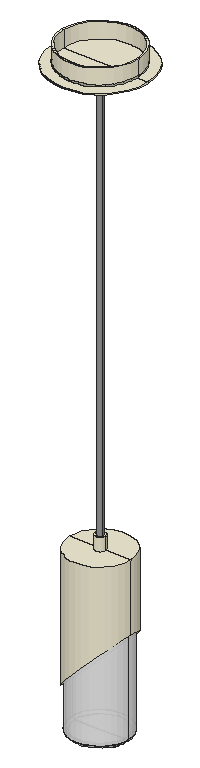
Revit family "3-677-xx - 37-677-xx - Ellipse (Pendant)", category Lighting Fixtures, host Ceiling, Revit 2017
Family settings
  Host = Ceiling
  Round Connector Dimension = Use Diameter
  Part Type = Normal
  OmniClass Number = 23.80.70.11
  OmniClass Title = Luminaries for Internal Lighting
  Always vertical = Yes
  Cut with Voids When Loaded = No
  Light Source = Yes
  Shared = No
  Room Calculation Point = No
Parameters (values of type "3-677-224 / 37-677-224 - Ellipse")
  Wattage Comments = "7.11 W at 120 V"  # constant formula
  Wattage = 7.11 W
  built-in parameter 1150110 = 1 (stored number, unit not read)
  URL = "www.oxygenlighting.com"
  built-in parameter 1114217 = 1 (stored number, unit not read)
  Tilt Angle = 0.00°
  built-in parameter 1150109 = 1 (stored number, unit not read)
  built-in parameter 1150134 = (empty or 0)
  Suspension Length [instance] = 38.00"
  built-in parameter 1150113 = 1 (stored number, unit not read)
  Supplied with = "Supplied with 8 ft of braided cord"  # constant formula
  References [instance] = "Ref. 3 = 120 V / Ref. 37 = 277 V"  # constant formula
  Photometric Web File = "3-677-215 Ellipse Pendant with Acrylic Enclosure.ies"
  Other 2 = none
  Other 1 = Braided Cord
  Model = "3-677-XX / 37-677-XX - Ellipse"  # constant formula
  Metal Finish = 24 - Satin Nickel
  Manufacturer = "Oxygen Lighting & Fans"  # constant formula
  Main Diffuser = Matte White Acrylic
  Lumens = 215.433 lm
  built-in parameter 1150115 = 1 (stored number, unit not read)
  built-in parameter 1150105 = 17.144 (stored number, unit not read)
  built-in parameter 1150137 = (empty or 0)
  built-in parameter 1150139 = (empty or 0)
  built-in parameter 1150112 = 1 (stored number, unit not read)
  built-in parameter 1150114 = 1 (stored number, unit not read)
  Lamp = "LED Array"  # constant formula
  Input Voltage [instance] = "120 V or 277 V 50/60 Hz"  # constant formula
  built-in parameter 1150132 = (empty or 0)
  built-in parameter 1150102 = (empty or 0)
  built-in parameter 1150138 = (empty or 0)
  built-in parameter 1150107 = 3000 (stored number, unit not read)
  built-in parameter 1150106 = 0.17144 (stored number, unit not read)
  Emit from Circle Diameter = 24.00"
  Emit Shape Visible in Rendering = no
  built-in parameter 1150104 = 2.815 (stored number, unit not read)
  Dimming Lamp Color Temperature Shift = <None>
  Color Filter = 16777215
  built-in parameter 1114218 = 1 (stored number, unit not read)
  built-in parameter 1150133 = 10 (stored number, unit not read)
  2nd Diffuser = none
Types (7): name | Photometric Web File | Metal Finish | Main Diffuser | Lumens | built-in parameter 1150105 | built-in parameter 1150106 | built-in parameter 1150104
  (no name) | "3-677-215 Ellipse Pendant with Acrylic Enclosure.ies" | 24 - Satin Nickel | Matte White Acrylic | 215.433 lm | 17.144 (stored number, unit not read) | 0.17144 (stored number, unit not read) | 2.815 (stored number, unit not read)
  3-677-115 / 37-677-115 - Ellipse | "3-677-124 Ellipse Pendant with Glass Enclosure.ies" | 15 - Black | White Opal Glass | 221.121 lm | 17.596 (stored number, unit not read) | 0.17596 (stored number, unit not read) | 2.8893 (stored number, unit not read)
  3-677-120 / 37-677-120 - Ellipse | "3-677-124 Ellipse Pendant with Glass Enclosure.ies" | 20 - Polished Nickel | White Opal Glass | 221.121 lm | 17.596 (stored number, unit not read) | 0.17596 (stored number, unit not read) | 2.8893 (stored number, unit not read)
  3-677-124 / 37-677-124 - Ellipse | "3-677-124 Ellipse Pendant with Glass Enclosure.ies" | 24 - Satin Nickel | White Opal Glass | 221.121 lm | 17.596 (stored number, unit not read) | 0.17596 (stored number, unit not read) | 2.8893 (stored number, unit not read)
  3-677-215 / 37-677-215 - Ellipse | "3-677-215 Ellipse Pendant with Acrylic Enclosure.ies" | 15 - Black | Matte White Acrylic | 215.433 lm | 17.144 (stored number, unit not read) | 0.17144 (stored number, unit not read) | 2.815 (stored number, unit not read)
  3-677-220 / 37-677-220 - Ellipse | "3-677-215 Ellipse Pendant with Acrylic Enclosure.ies" | 20 - Polished Nickel | Matte White Acrylic | 215.433 lm | 17.144 (stored number, unit not read) | 0.17144 (stored number, unit not read) | 2.815 (stored number, unit not read)
  3-677-224 / 37-677-224 - Ellipse | "3-677-215 Ellipse Pendant with Acrylic Enclosure.ies" | 24 - Satin Nickel | Matte White Acrylic | 215.433 lm | 17.144 (stored number, unit not read) | 0.17144 (stored number, unit not read) | 2.815 (stored number, unit not read)
Reference planes (in)
  plane 1 "Light Source Axis (F/B)": y = 0
  plane 2 "Ceiling": z = 96
  plane 3 "Light Source Axis (L/R)": x = 0
  plane 4 "Light Source Elevation": z = 60
  plane 5 "Suspension Length": z = 58
Forms (in)
  Revolve 1, solid, material "Braided Cord" <- "Other 1"
    sketch origin (0, 0, 0) x (1, 0, 0) y (0, 0, 1)
      loop
        line (-0.15748, 94.73091) -> (-0.15748, 68.87218) -> (0, 68.87218) -> (0, 94.73091) -> (-0.15748, 94.73091)
      axis (0, 94.73091) -> (0, 68.87218)
    angle from 0 to 360
Dimensions and locks (in)
  equal spacing: host sketch curve, plane 3 "Light Source Axis (L/R)", host sketch curve
  equal spacing: host sketch curve, plane 1 "Light Source Axis (F/B)", host sketch curve
  host sketch curve to host sketch curve = 120.00"  (x2)
  "Suspension Length": plane 2 "Ceiling" to plane 5 "Suspension Length"
  locked: plane 4 "Light Source Elevation" to plane 5 "Suspension Length" at 2
  locked: plane 5 "Suspension Length" to nested 2 at 10.87218
  aligned and locked: plane 4 "Light Source Elevation" to imposter light
  aligned and locked: plane 3 "Light Source Axis (L/R)" to nested 2
  aligned and locked: Revolve 1 to nested 2
  aligned and locked: imposter light to plane 3 "Light Source Axis (L/R)"
  aligned and locked: plane 1 "Light Source Axis (F/B)" to imposter light
Automatic sketch dimensions
  Revolve 1 sketch curve to plane 3 "Light Source Axis (L/R)" = 0.00"  (x2)
  Revolve 1 sketch curve to plane 3 "Light Source Axis (L/R)" = 0.15748"
  Revolve 1 sketch curve to plane 4 "Light Source Elevation" = 8.87218"
  Revolve 1 sketch curve to plane 2 "Ceiling" = 1.26909"
  plane 2 "Ceiling" to Revolve 1 sketch curve = 0.23091"
  Revolve 1 sketch curve to Revolve 1 sketch curve = 1.00"
Nested families (in)
  nested 1: "Canopy" at (0, 0, 96), type "Canopy"
  nested 2: "Elipse 3.5" at (0, 0, 68.87218), type "Elipse 3.5"
Definition of nested family "Canopy"
  Parameters (values of type "Canopy")
    Others 2 = none
    Others 1 = none
    Metal Finish = none
    Main Diffuser = none
    2nd Diffuser = none
  Reference planes (in)
    plane 1 "Center (Front/Back)": y = 0
    plane 2: z = 0
    plane 3 "Center (Left/Right)": x = 0
    plane 4 "Very Bottom": y = 0
  Forms (in)
    Revolve 1, solid, material <- "Metal Finish"
      sketch origin (0, 0, 0) x (1, 0, 0) y (0, 0, 1)
        loop
          line (2.3622, 0) -> (2.2622, 0) -> (2.2622, -0.96299) -> (0, -0.96299) -> (0, -1.26909) -> (0.2466, -1.26909) -> (0.2466, -1.87008) -> (0.37638, -1.87008) -> (0.37638, -1.06299) -> (2.20696, -1.06299)
          arc (2.20696, -1.06299) -> (2.31674, -1.01752) -> (2.3622, -0.90775) r 0.15524
          line (2.3622, -0.90775) -> (2.3622, 0)
        axis (0, 0) -> (0, -1.87008)
      angle from 0 to 360
    Revolve 2, solid, material <- "Metal Finish"
      sketch origin (0, 0, 0) x (1, 0, 0) y (0, 0, 1)
        loop
          line (0.45678, -1.06299) -> (0.45678, -1.12549) -> (2.95276, -1.12549) -> (2.95276, -1.06299) -> (0.45678, -1.06299)
        axis (0, -1.06299) -> (0, -1.12549)
      angle from 0 to 360
  Lines and regions (in)
    model lines
      curve 1: line (-4, 0, 0) -> (4, 0, 0)
      curve 2: line (0, -4, 0) -> (0, 4, 0)
    symbolic lines
      curve 3: circle (0, 0, 0) r 2 normal (0, 0, 1)
    model lines, not visible
      curve 4: line (-13.0722, 21.77075, 0) -> (-5.0722, 21.77075, 0)
      curve 5: line (-9.0722, 17.77075, 0) -> (-9.0722, 25.77075, 0)
    symbolic lines, not visible
      curve 6: circle (-9.0722, 21.77075, 0) r 2 normal (0, 0, 1)
  Text (in)
    text "M.C." at (0.88973, 1.62995, 0), in view "Ref. Level"
    text "M.C." at (-8.18247, 23.4007, 0), in view "Ref. Level", not visible
  Dimensions and locks (in)
    aligned and locked: plane 2 to level
Definition of nested family "Elipse 3.5"
  Parameters (values of type "Elipse 3.5")
    Others 2 = none
    Others 1 = none
    Metal Finish = none
    Main Diffuser = none
    2nd Diffuser = none
  Reference planes (in)
    plane 1 "Center (Front/Back)": y = 0
    plane 2: z = 0
    plane 3 "Center (Left/Right)": x = 0
    plane 4 "Very Bottom": y = 0
  Forms (in)
    Revolve 1, solid, material <- "Metal Finish"
      sketch origin (0, 0, 0) x (1, 0, 0) y (0, 0, 1)
        loop
          line (0, 0) -> (-0.31496, 0) -> (-0.31496, -0.74803) -> (-1.88976, -0.74803) -> (-1.88976, -8.70079) -> (-1.7845, -8.70079) -> (-1.7845, -0.86024) -> (-0.22578, -0.86024) -> (-0.22578, -0.07759) -> (0, -0.07759) -> (0, 0)
        axis (0, 0) -> (0, -8.70079)
      angle from 0 to 360
    Revolve 2, solid, material <- "Main Diffuser"
      sketch origin (0, 0, 0) x (1, 0, 0) y (0, 0, 1)
        loop
          line (-1.78454, -4.80934) -> (-1.78454, -10.7355)
          arc (-1.78454, -10.7355) -> (-1.7445, -10.83215) -> (-1.64785, -10.87218) r 0.13668
          line (-1.64785, -10.87218) -> (0, -10.87218) -> (0, -10.77218) -> (-1.54233, -10.77218)
          arc (-1.54233, -10.77218) -> (-1.64288, -10.73053) -> (-1.68454, -10.62998) r 0.14221
          line (-1.68454, -10.62998) -> (-1.68454, -4.80934) -> (-1.78454, -4.80934)
        axis (0, -4.80934) -> (0, -10.87218)
      angle from 0 to 360
    Extrusion 3, void
      sketch origin (0, 0, 0) x (1, 0, 0) y (0, 0, 1)
        loop
          line (-2.1901, -9.25321) -> (2.48831, -9.25321) -> (2.48831, -4.85502) -> (1.95548, -4.85502) -> (-2.1901, -9.0006) -> (-2.1901, -9.25321)
      from -2.54118 to 3.17931
  Cuts and joins
    Extrusion 3 cuts Revolve 1
  Lines and regions (in)
    model lines, not visible
      curve 1: line (-13.0722, 21.77075, 0) -> (-5.0722, 21.77075, 0)
      curve 2: line (-9.0722, 17.77075, 0) -> (-9.0722, 25.77075, 0)
    symbolic lines, not visible
      curve 3: circle (-9.0722, 21.77075, 0) r 2 normal (0, 0, 1)
  Text (in)
    text "M.C." at (-8.18247, 23.4007, 0), in view "Ref. Level", not visible
  Dimensions and locks (in)
    aligned and locked: plane 2 to level
    aligned and locked: plane 4 "Very Bottom" to plane 1 "Center (Front/Back)"
